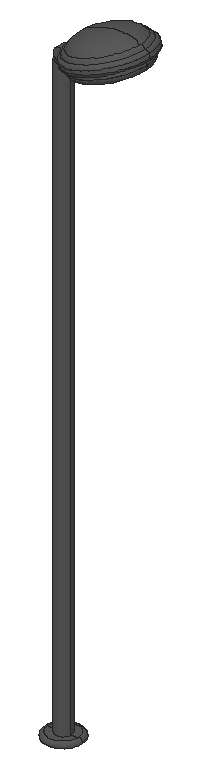
Revit family "svetilnik_alfresco_alkor_dku-01_os", category Lighting Fixtures, Revit 2016 (continued)
Definition of nested family "Алькор"
  Types (3, lengths in mm): name | Photometric Web File | built-in parameter 1150105 | Lumens | built-in parameter 1150106 | built-in parameter 1150142 | Wattage
      .28  1525.79  1476.48  1427.44  1393.31  \r\n 1347.74  1320.75  1288.21  1247.81  1229.14  1216.63  1188.49  1163.08  1135.82  1104.19  \r\n 1086.15  1054.68  1022.49  1008.21  995.34   981.48   961.78   936.78   913.10   890.13   \r\n 865.85   841.49   816.84   794.35   771.92   751.59   730.13   709.21   691.29   672.52   \r\n 652.01   631.42   605.96   574.24   534.38   488.30   435.86   377.10   316.50   258.85   \r\n 206.82   167.76   148.71   129.70   123.24   114.54   104.17   94.36    84.80    76.34    \r\n 69.63    64.21    58.49    52.96    47.59    42.51    37.42    32.47    27.68    23.46    \r\n 18.98    14.70    10.91    7.67     5.24     3.57     2.80     2.22     1.64     1.16     \r\n 0.98     \r\n1989.57  1965.04  1944.95  1904.00  1873.60  1854.29  1830.50  1801.92  1792.38  1759.44  \r\n 1788.12  1732.23  1658.97  1622.57  1591.50  1565.20  1505.35  1456.17  1397.45  1376.04  \r\n 1307.57  1256.58  1220.82  1196.79  1179.57  1163.85  1150.62  1132.74  1114.25  1082.14  \r\n 1054.55  1030.13  1009.85  994.97   983.55   970.78   949.17   921.67   894.77   872.00   \r\n 845.33   818.22   794.85   768.32   741.35   717.91   696.14   677.00   659.94   642.90   \r\n 631.24   616.13   592.06   557.98   517.58   467.69   414.56   357.82   300.33   246.92   \r\n 198.42   160.15   133.65   119.21   109.80   101.91   94.57    87.59    79.58    71.75    \r\n 66.05    60.43    54.36    49.67    45.77    41.39    36.07    30.73    26.16    22.12    \r\n 18.51    14.43    10.96    7.72     5.22     3.56     2.78     2.20     1.64     1.15     \r\n 0.96     \r\n1989.57  1972.12  1973.51  1910.14  1874.97  1853.35  1826.40  1804.48  1789.84  1781.63  \r\n 1754.47  1723.48  1665.41  1632.16  1618.22  1568.41  1534.59  1490.47  1446.29  1394.26  \r\n 1339.66  1297.77  1271.18  1244.59  1222.93  1205.62  1197.35  1167.17  1141.37  1113.99  \r\n 1090.79  1073.46  1034.62  1014.34  1002.24  987.90   967.27   940.51   915.34   893.86   \r\n 868.46   844.66   822.15   797.59   772.86   751.04   730.09   711.20   693.84   675.32   \r\n 658.85   641.77   622.56   593.24   555.06   508.29   456.41   400.69   341.01   280.97   \r\n 225.32   181.49   150.98   137.66   124.35   117.17   107.95   98.14    87.96    79.22    \r\n 71.82    65.10    59.38    53.68    48.08    43.17    38.20    33.23    28.82    24.40    \r\n 20.46    16.34    12.22    8.40     5.61     3.76     2.89     2.31     1.74     1.24     \r\n 1.02     \r\n1989.57  1974.94  1971.75  1920.95  1875.43  1848.13  1819.03  1798.21  1764.84  1757.44  \r\n 1725.68  1702.78  1698.05  1678.37  1634.86  1585.64  1546.50  1505.56  1497.47  1463.17  \r\n 1414.24  1369.07  1337.21  1310.02  1287.00  1265.37  1260.14  1248.26  1220.03  1175.90  \r\n 1145.34  1120.66  1096.65  1078.08  1067.40  1037.32  1008.42  997.03   971.60   939.01   \r\n 910.75   885.66   868.72   845.42   822.28   803.59   786.30   765.86   744.38   718.89   \r\n 693.29   666.59   645.39   624.21   605.11   575.09   533.03   479.21   418.21   353.49   \r\n 291.42   231.96   183.98   148.61   124.79   113.86   105.79   95.78    85.86    76.17    \r\n 68.54    60.94    54.87    48.83    43.53    38.86    34.84    30.87    26.71    22.58    \r\n 18.55    14.53    11.02    8.08     5.72     3.94     3.08     2.46     1.89     1.34     \r\n 1.12     \r\n1989.57  1976.20  1965.81  1945.61  1882.42  1856.92  1852.17  1827.33  1799.27  1774.55  \r\n 1763.59  1738.62  1724.64  1681.24  1640.13  1606.38  1583.52  1575.03  1528.23  1488.29  \r\n 1448.39  1414.82  1370.99  1338.71  1311.44  1288.86  1249.77  1214.99  1186.87  1162.51  \r\n 1147.28  1131.72  1120.74  1092.07  1077.59  1060.20  1031.72  1008.45  993.66   979.84   \r\n 970.96   957.87   938.36   920.41   901.52   879.28   857.98   838.31   816.12   796.35   \r\n 790.25   777.02   768.37   762.84   754.53   742.11   720.72   687.31   641.61   574.87   \r\n 492.46   405.01   322.01   248.27   193.08   155.84   139.56   123.42   115.25   101.86   \r\n 88.94    75.38    65.26    56.84    49.93    43.40    37.52    32.95    29.25    25.47    \r\n 22.01    18.60    14.52    10.23    6.64     4.42     3.43     2.74     2.09     1.50     \r\n 1.30     \r\n1989.57  1975.51  1956.75  1930.72  1893.75  1895.69  1872.41  1845.68  1825.43  1789.27  \r\n 1770.13  1748.14  1713.92  1679.98  1657.08  1635.77  1600.48  1575.28  1550.93  1530.10  \r\n 1488.59  1468.40  1446.88  1416.29  1392.20  1373.61  1364.13  1363.54  1354.71  1339.68  \r\n 1319.00  1312.06  1289.76  1253.05  1218.20  1188.51  1158.93  1130.29  1109.46  1088.81  \r\n 1071.91  1061.07  1054.23  1051.08  1049.20  1062.47  1119.72  1140.25  1072.60  1020.79  \r\n 1007.41  1021.04  1040.32  1018.00  963.53   930.31   904.32   890.59   875.33   847.47   \r\n 789.40   699.61   609.60   519.58   417.05   327.84   255.53   203.87   169.59   148.64   \r\n 132.01   114.69   96.29    80.53    66.85    53.18    45.75    39.65    34.22    29.78    \r\n 25.10    20.26    15.89    11.57    7.68     5.06     4.01     3.25     2.55     1.94     \r\n 1.91     \r\n1989.57  1978.86  1961.54  1928.03  1911.32  1929.46  1903.87  1877.01  1840.43  1813.54  \r\n 1810.50  1809.22  1779.09  1745.11  1697.55  1663.11  1638.16  1628.29  1630.34  1624.91  \r\n 1617.67  1628.78  1631.24  1639.02  1648.30  1653.73  1637.68  1600.95  1557.11  1503.44  \r\n 1449.80  1399.57  1364.11  1345.29  1330.06  1322.84  1321.52  1310.11  1298.92  1279.89  \r\n 1261.73  1246.78  1239.48  1236.34  1232.87  1230.76  1241.55  1258.66  1280.91  1306.19  \r\n 1326.74  1339.30  1337.10  1331.53  1324.10  1293.64  1281.53  1272.42  1278.04  1273.93  \r\n 1260.15  1240.47  1195.14  1126.70  1025.17  884.54   712.23   540.68   374.69   254.44   \r\n 183.62   160.72   137.83   114.96   99.82    83.72    69.14    57.51    47.37    38.24    \r\n 30.66    24.52    18.54    13.50    9.18     6.41     5.30     4.43     3.66     3.07     \r\n 3.23     \r\n1989.57  1977.65  1972.65  1935.20  1935.89  1958.08  1942.45  1911.04  1872.72  1859.61  \r\n 1863.36  1848.12  1803.98  1768.92  1751.42  1736.35  1723.17  1729.14  1742.04  1767.51  \r\n 1799.26  1833.06  1861.94  1864.31  1860.29  1838.64  1784.92  1720.89  1665.75  1622.00  \r\n 1599.21  1587.79  1567.48  1558.86  1557.35  1554.07  1552.16  1549.06  1547.17  1546.21  \r\n 1549.47  1561.20  1582.05  1607.11  1635.80  1657.14  1682.16  1699.01  1713.49  1728.07  \r\n 1739.08  1761.23  1789.30  1810.31  1834.04  1864.83  1898.69  1937.25  1978.24  2007.58  \r\n 2052.18  2102.42  2117.80  2101.60  2058.14  1989.37  1876.90  1693.19  1444.37  1135.01  \r\n 791.71   548.13   306.46   216.72   179.58   153.39   128.24   104.41   83.93    66.70    \r\n 49.51    36.29    25.43    16.87    11.84    8.82     7.44     6.23     5.30     4.67     \r\n 4.95     \r\n1989.57  1982.67  1978.38  1960.46  1963.52  1978.68  1977.63  1952.47  1928.85  1926.45  \r\n 1914.35  1886.10  1861.74  1837.34  1810.97  1795.15  1805.77  1835.09  1873.82  1916.47  \r\n 1956.54  1970.22  1976.82  1961.55  1925.91  1882.99  1840.96  1805.30  1787.29  1781.86  \r\n 1781.72  1786.92  1797.83  1813.70  1837.43  1866.73  1891.07  1912.82  1930.74  1946.50  \r\n 1954.11  1975.31  2026.97  2099.44  2127.03  2114.19  2125.78  2147.98  2184.79  2226.70  \r\n 2272.68  2317.88  2380.04  2449.29  2530.17  2605.39  2687.47  2770.33  2840.95  2905.92  \r\n 2983.80  3074.13  3163.51  3224.33  3221.71  3169.02  3062.91  2915.33  2708.17  2400.87  \r\n 1968.55  1472.97  978.86   584.04   355.53   254.11   199.77   160.66   130.48   100.30   \r\n 72.72    52.69    36.96    24.79    16.90    12.55    9.97     8.38     7.14     6.39     \r\n 6.70     \r\n1989.57  1980.37  1966.90  1967.56  1979.85  1986.17  1995.67  1998.33  2010.64  1989.64  \r\n 1966.98  1934.36  1922.00  1905.71  1889.84  1882.64  1904.31  1939.29  1981.95  2015.22  \r\n 2048.14  2074.79  2070.34  2053.59  2028.60  2003.80  1983.93  1977.99  1977.04  1985.43  \r\n 1997.05  2001.38  2020.14  2044.90  2077.20  2120.86  2168.69  2226.76  2281.94  2318.30  \r\n 2344.61  2366.15  2397.82  2442.30  2496.31  2554.36  2618.62  2690.72  2775.17  2861.58  \r\n 2937.26  3008.74  3088.92  3184.65  3293.06  3409.20  3544.32  3678.57  3828.42  3933.52  \r\n 4015.71  4085.71  4107.38  4087.13  4000.08  3839.78  3623.54  3341.97  3001.81  2609.98  \r\n 2057.82  1498.21  1007.20  686.31   365.71   258.01   209.84   172.70   139.33   109.98   \r\n 85.40    63.19    41.02    27.16    18.51    13.80    11.13    9.51     8.04     7.48     \r\n 7.84     \r\n1989.57  1993.33  1977.55  1993.63  2013.32  2024.82  2039.02  2057.88  2049.97  2040.43  \r\n 2020.66  2013.72  1993.36  1985.20  1982.10  2002.41  2022.52  2051.02  2099.70  2118.51  \r\n 2141.31  2171.38  2198.67  2218.50  2230.38  2227.30  2224.45  2219.32  2229.30  2251.76  \r\n 2276.89  2308.60  2341.20  2381.50  2434.19  2487.81  2551.76  2635.98  2715.01  2792.19  \r\n 2869.94  2960.00  2978.29  2990.79  3019.75  3074.32  3149.79  3231.80  3311.75  3394.53  \r\n 3479.20  3575.31  3684.96  3817.34  3957.92  4099.25  4256.00  4407.82  4548.86  4653.57  \r\n 4690.88  4639.91  4506.84  4271.53  3929.50  3524.94  3039.27  2511.74  1940.86  1406.21  \r\n 942.59   690.28   439.00   336.47   264.71   206.62   161.32   123.70   91.61    70.61    \r\n 49.83    38.22    29.28    21.67    16.27    12.96    11.31    9.91     8.46     8.17     \r\n 8.59     \r\n1989.57  1988.64  1976.57  1998.71  2024.76  2052.70  2065.89  2076.90  2083.69  2082.40  \r\n 2069.33  2069.81  2071.40  2068.40  2070.32  2076.49  2090.34  2113.36  2154.73  2179.77  \r\n 2207.15  2245.99  2288.14  2333.63  2374.18  2395.92  2408.60  2413.89  2426.14  2459.80  \r\n 2499.93  2549.33  2599.32  2650.27  2708.72  2778.42  2849.25  2933.28  3025.25  3106.27  \r\n 3173.11  3235.37  3304.65  3388.70  3479.36  3574.55  3681.97  3796.35  3913.91  4039.71  \r\n 4171.74  4308.46  4476.98  4663.69  4869.58  5106.42  5346.14  5563.57  5713.29  5727.84  \r\n 5615.79  5371.56  4992.70  4452.84  3748.04  2942.90  2103.66  1477.90  855.88   569.96   \r\n 442.36   360.04   294.95   237.68   189.60   151.51   113.51   84.66    64.87    51.90    \r\n 41.01    30.96    24.49    19.23    15.05    12.16    10.37    9.08     7.74     7.56     \r\n 7.97     \r\n1989.57  1975.04  1972.56  2003.82  2041.62  2075.54  2100.78  2129.95  2145.25  2146.40  \r\n 2123.67  2115.51  2137.10  2143.72  2173.25  2196.57  2224.01  2255.89  2283.80  2313.12  \r\n 2331.84  2374.92  2418.57  2482.24  2550.77  2621.04  2684.38  2729.47  2773.26  2829.97  \r\n 2894.67  2965.86  3038.42  3111.90  3197.11  3286.52  3384.79  3485.11  3596.39  3722.73  \r\n 3848.68  3987.15  4153.30  4279.02  4349.35  4432.31  4546.90  4686.44  4828.15  4946.93  \r\n 5061.15  5174.28  5282.40  5398.78  5518.76  5611.24  5664.76  5638.97  5525.30  5324.75  \r\n 5018.07  4606.36  4046.79  3311.22  2493.98  1691.61  1083.93  711.82   564.35   418.16   \r\n 344.80   281.15   224.60   175.24   136.54   100.62   74.51    60.46    46.51    36.85    \r\n 29.53    24.18    19.93    16.29    13.34    10.72    9.24     7.96     6.71     6.59     \r\n 6.89     \r\n1989.57  1968.09  1969.69  2000.91  2038.43  2086.47  2131.57  2186.75  2211.86  2218.39  \r\n 2185.67  2163.47  2205.04  2234.38  2262.31  2310.73  2387.47  2442.61  2467.45  2505.98  \r\n 2556.21  2579.26  2641.50  2698.21  2775.99  2866.96  2963.93  3063.22  3152.45  3234.90  \r\n 3317.62  3404.51  3484.62  3572.61  3678.01  3786.19  3903.93  4001.52  4096.39  4203.34  \r\n 4303.18  4378.84  4458.90  4521.09  4578.51  4638.40  4693.32  4740.01  4777.00  4808.24  \r\n 4839.66  4871.77  4900.49  4909.93  4881.86  4807.14  4662.44  4410.05  4025.67  3469.23  \r\n 2807.55  2140.39  1594.60  1050.61  757.75   587.35   489.25   409.39   341.19   279.57   \r\n 227.47   181.96   143.83   105.76   83.72    70.94    59.61    51.57    45.13    38.40    \r\n 33.09    26.19    19.45    14.85    11.63    9.12     7.68     6.66     5.53     5.46     \r\n 5.68     \r\n1989.57  1960.62  1966.48  1997.15  2036.66  2082.30  2138.09  2226.68  2230.31  2253.57  \r\n 2264.36  2247.31  2247.59  2278.91  2342.06  2385.68  2461.23  2550.27  2616.85  2687.32  \r\n 2773.07  2885.00  2961.12  3017.67  3037.03  3086.83  3168.11  3265.38  3408.27  3502.58  \r\n 3599.43  3703.78  3809.03  3890.33  3957.51  4023.98  4079.54  4128.33  4175.41  4209.16  \r\n 4235.60  4259.59  4277.73  4293.53  4311.46  4332.34  4362.84  4390.57  4318.59  4191.07  \r\n 4038.88  3849.31  3592.49  3263.56  2862.63  2479.26  2115.74  1751.87  1415.33  1074.89  \r\n 779.23   616.15   454.04   393.82   348.72   288.07   231.13   193.12   158.46   129.38   \r\n 106.62   91.18    80.41    71.77    63.85    57.42    52.40    50.73    48.95    44.13    \r\n 36.63    26.09    16.75    10.50    7.96     6.87     6.01     5.09     4.21     4.20     \r\n 4.38     \r\n1989.57  1963.83  1960.16  1982.11  2021.57  2056.96  2100.08  2160.71  2239.52  2290.57  \r\n 2301.57  2338.59  2335.56  2357.00  2385.81  2453.20  2510.75  2628.19  2666.83  2764.08  \r\n 2809.08  2891.96  2995.79  3123.15  3217.28  3331.58  3444.33  3559.69  3633.75  3720.76  \r\n 3807.01  3851.94  3896.97  3938.51  3962.29  3972.67  3981.41  3980.59  3967.16  3949.05  \r\n 3916.96  3867.14  3796.97  3692.72  3556.31  3369.63  3133.48  2834.29  2507.70  2193.36  \r\n 1908.75  1662.15  1451.23  1240.54  1047.33  867.79   705.41   561.76   446.88   363.58   \r\n 305.32   267.98   236.58   209.96   184.00   160.11   142.48   124.99   115.81   107.79   \r\n 101.81   96.75    86.09    78.06    72.44    65.91    58.88    50.91    40.89    32.41    \r\n 24.26    17.51    12.53    8.87     6.35     5.28     4.53     3.72     2.88     2.83     \r\n 2.94     \r\n1989.57  1960.04  1953.00  1965.18  1991.39  2029.01  2064.74  2112.46  2225.59  2272.18  \r\n 2284.66  2328.91  2383.35  2422.33  2462.46  2502.34  2553.71  2631.50  2710.06  2739.74  \r\n 2830.74  2902.86  2991.04  3091.82  3217.67  3339.15  3440.88  3531.23  3606.90  3671.82  \r\n 3719.83  3768.78  3791.52  3809.51  3804.41  3789.25  3762.00  3720.25  3661.00  3582.85  \r\n 3459.38  3283.30  3031.39  2725.30  2364.00  2022.96  1737.97  1509.78  1332.72  1175.75  \r\n 1050.47  923.93   810.07   700.45   598.15   495.86   397.52   321.02   263.81   222.20   \r\n 195.13   175.32   157.69   145.10   132.75   121.81   111.44   101.31   94.23    86.80    \r\n 79.87    72.97    63.83    51.69    45.37    40.33    35.61    30.83    26.16    21.58    \r\n 17.46    13.70    9.70     6.72     4.91     4.04     3.30     2.55     1.90     1.87     \r\n 1.95     \r\n1989.57  1962.59  1948.83  1951.77  1971.65  1999.37  2031.27  2067.36  2130.03  2182.21  \r\n 2190.86  2248.35  2309.18  2371.80  2433.68  2494.73  2556.15  2618.82  2681.40  2745.03  \r\n 2821.36  2904.65  3004.91  3106.54  3208.71  3304.35  3387.19  3458.13  3512.28  3554.24  \r\n 3590.35  3612.26  3624.04  3630.33  3622.32  3596.79  3551.68  3472.47  3344.80  3164.20  \r\n 2908.41  2598.37  2258.21  1945.88  1691.14  1506.75  1322.46  1173.40  1030.70  892.10   \r\n 768.98   662.06   568.46   484.75   403.40   329.24   269.63   227.45   198.46   173.87   \r\n 155.10   140.86   126.66   115.82   108.56   102.48   95.39    87.35    80.49    72.07    \r\n 65.43    60.89    57.34    51.31    45.72    44.57    41.02    34.95    26.21    20.20    \r\n 15.55    12.41    9.82     6.56     4.22     3.47     2.81     2.10     1.52     1.47     \r\n 1.50     \r\n1989.57  1961.07  1948.24  1946.63  1955.95  1977.62  2006.76  2043.33  2090.01  2152.74  \r\n 2178.94  2234.54  2296.71  2364.37  2430.23  2492.72  2556.34  2617.74  2681.66  2753.44  \r\n 2838.02  2932.27  3026.88  3120.74  3210.75  3288.91  3352.33  3403.18  3440.12  3468.03  \r\n 3483.97  3490.16  3493.00  3485.67  3466.05  3427.68  3354.99  3232.70  3045.88  2790.30  \r\n 2486.07  2173.25  1899.82  1674.70  1494.37  1342.09  1200.51  1060.29  935.71   819.38   \r\n 706.06   605.92   505.92   416.26   335.58   276.22   235.51   204.23   178.50   153.79   \r\n 138.10   127.62   116.50   109.59   102.97   95.75    90.23    85.59    80.43    71.86    \r\n 64.32    57.68    50.23    47.26    44.91    41.02    36.10    30.01    24.23    19.38    \r\n 14.96    11.24    7.94     5.33     3.95     3.25     2.59     1.88     1.39     1.33     \r\n 1.35     \r\n1989.57  1970.17  1952.49  195
      6.26  1964.10  1974.88  1996.43  2031.94  2083.56  2132.33  \r\n 2175.53  2232.21  2296.42  2363.33  2429.75  2495.46  2557.80  2621.42  2687.99  2757.42  \r\n 2841.98  2937.33  3033.43  3124.68  3207.58  3280.65  3336.20  3376.18  3409.43  3435.05  \r\n 3451.95  3459.40  3458.58  3450.12  3430.11  3387.30  3303.84  3165.78  2955.52  2687.46  \r\n 2373.81  2083.06  1833.40  1629.86  1470.36  1311.09  1168.87  1033.73  920.71   805.23   \r\n 691.65   589.96   493.93   407.56   326.66   269.14   228.91   199.46   176.04   157.15   \r\n 138.25   119.47   112.03   106.38   100.68   91.67    86.06    81.47    75.28    69.13    \r\n 62.73    55.54    49.11    46.47    45.95    43.67    37.95    31.01    25.13    19.75    \r\n 15.31    11.35    7.53     5.12     3.86     3.16     2.51     1.80     1.35     1.30     \r\n 1.31     \r\n" | 51.164 W
